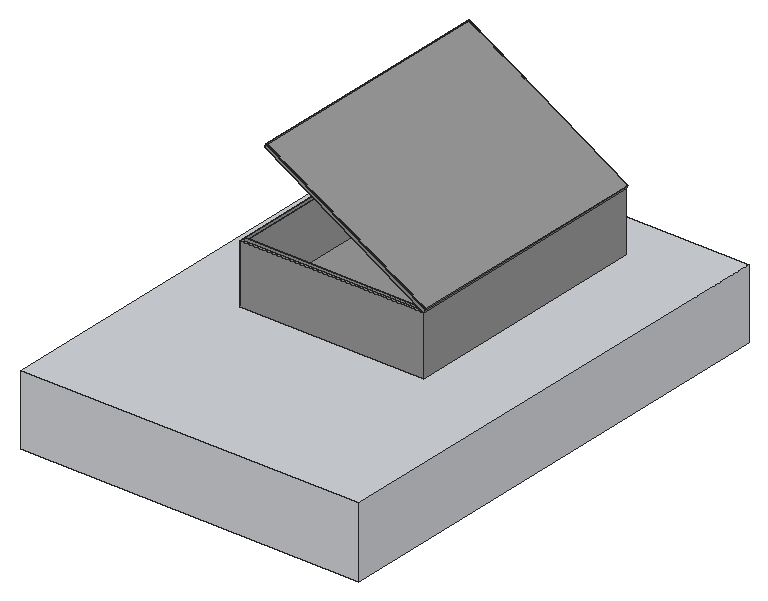
Revit family "Hager-Univers-IP55-D275-H1100-Cl.I-Steel_encl-DE-de", category Equipement électrique, Revit 2020
Family settings
  Hôte = Face
  Configuration du panneau = Deux colonnes, circuits au sein
  Cote de connecteur circulaire = Utiliser le diamètre
  Type d'élément = Tableau de raccordement
  Couper avec des vides une fois chargée = Non
  Partagée = Non
  Point de calcul de pièce = Non
Parameters (values of type "Aufputz IP55 B800 H1100 T275  - FR73E")
  Width Control [instance] = if([EF000008 - Breite] > Min Width, [EF000008 - Breite], Min Width)  # 800 mm
  Commentaires du type = [HG000003 - Bereich]  # "Univers"
  Thickness Door [instance] = if([EF009171 - Materialstärke Tür/Deckel] > 3 mm, 3 mm, [EF009171 - Materialstärke Tür/Deckel])  # 1.5 mm
  Seal Frame Offset [instance] = 17 mm  # constant formula
  Plinth Visibility [instance] = [HG000027 - Sockelhöhe] > 0 mm  # no
  Model = ""
  Min Width [instance] = 100 mm  # constant formula
  Min Height [instance] = 100 mm  # constant formula
  Min Depth [instance] = (2 * [EF009170 - Materialstärke Gehäuse]) + 1 mm  # 4 mm
  Internal Frame Depth [instance] = (Door System Depth * 0.5)  # 9 mm
  Height Control [instance] = if([EF000040 - Höhe] > Min Height, [EF000040 - Höhe], Min Height)  # 1100 mm
  HG000027 - Sockelhöhe = 0 mm
  HG000026 - Stehend auf dem Boden = no
  HG000024 - Höhe des unteren Teils = 800 mm
  HG000023 - Gehäuse mit doppeltem Querschnitt = no
  HG000016 - 3D-Türsichtbarkeit [instance] = yes
  HG000015 - Sichtbarkeit der Türöffnung [instance] = no
  HG000014 - Tür rechts [instance] = yes
  HG000013 - Tür links [instance] = not([HG000014 - Tür rechts])  # no
  HG000012 - Türschwenkwinkel [instance] = 30.00°
  HG000010 - Asymmetrische Türen = no
  HG000009 - Doppelflügeligen Tür = no
  HG000006 - Unterputz = no
  HG000004 - Herstellerreferenz = "FR73E"
  HG000003 - Bereich = "Univers"
  HG000002 - Mit tür = yes
  Frame Offset Bottom [instance] = 10 mm  # constant formula
  Frame Offset [instance] = 15 mm  # constant formula
  EF015940 - Deckel mit Überdruckentlastung = no
  EF011959 - Schutzart (NEMA) = ""
  EF009554 - Anzahl der Öffnungen für Flanschplatten = 6
  Fabricant = "Hager"  # constant formula
  EF009212 - Ausführung Deckel = "EV000116 - geschlossen"
  EF009171 - Materialstärke Tür/Deckel = 1.5 mm
  EF009170 - Materialstärke Gehäuse = 1.5 mm
  EF008873 - Nennstrom (In) = 800 A
  EF007800 - Geeignet für Blitzschutz = no
  EF006306 - Mit Schloss = no
  EF006244 - Transparenter Deckel/Tür = no
  EF005474 - Schutzart (IP) = "EV006420 - IP55"
  EF004464 - Art der Tür = "EV002646 - Einzel"
  EF004427 - Anzahl der Module = 252
  EF004293 - Schlagfestigkeit = "EV008784 - IK10"
  EF003532 - Geeignet für Außengebrauch = no
  EF002950 - Breite in Teilungseinheiten = 24
  EF001613 - Funktionserhalt = "EV000494 - ohne"
  EF001596 - Werkstoff des Gehäuses = "EV000179 - Stahl"
  EF001131 - Innentiefe = 275 mm
  EF001088 - Anbaumöglichkeit = yes
  EF000437 - Anzahl der Leitungseinführungen = 6
  EF000339 - Art der Abdeckung = "EV004216 - Tür"
  EF000266 - Anzahl der Reihen = 7
  EF000218 - Einbautiefe = 0 mm
  EF000118 - Mit Montageplatte = no
  EF000116 - RAL-Nummer = "7035"
  EF000049 - Tiefe = 275 mm
  EF000040 - Höhe = 1100 mm
  EF000008 - Breite = 800 mm
  EF000007 - Farbe = "EV000270 - grau"
  EF000003 - Montageart = "EV000384 - Aufputz"
  Door System Leaf Tolerance [instance] = 1.5 mm  # constant formula
  Door System Depth [instance] = 18 mm  # constant formula
  Door Height [instance] = Height Control - [HG000027 - Sockelhöhe]  # 1100 mm
  Depth Control [instance] = if([EF000049 - Tiefe] > Min Depth, [EF000049 - Tiefe], Min Depth)  # 275 mm
  Default Elevation = 0 mm
  Connector Offset [instance] = Height Control / 2  # 550 mm
  Bottom Top Plate Trim [instance] = 1.5 mm  # constant formula
  Plinth height Ctrl [instance] = if([HG000027 - Sockelhöhe] > 0 mm, [HG000027 - Sockelhöhe], 12 mm)  # 12 mm
Types (5, lengths in mm): name | Width Control | HG000010 - Asymmetrische Türen | HG000009 - Doppelflügeligen Tür | HG000004 - Herstellerreferenz | EF009554 - Anzahl der Öffnungen für Flanschplatten | EF004464 - Art der Tür | EF004427 - Anzahl der Module | EF000437 - Anzahl der Leitungseinführungen | EF000008 - Breite
  Aufputz IP55 B1050 H1100 T275  - FR74E | 1050 | no | yes | "FR74E" | 8 | "EV003602 - Doppel" | 336 | 8 | 1050
  Aufputz IP55 B1300 H1100 T275  - FR75E | 1300 | yes | yes | "FR75E" | 10 | "EV003602 - Doppel" | 420 | 10 | 1300
  Aufputz IP55 B300 H1100 T275  - FR71E | 300 | no | no | "FR71E" | 2 | "EV002646 - Einzel" | 84 | 2 | 300
  Aufputz IP55 B550 H1100 T275  - FR72E | 550 | no | no | "FR72E" | 4 | "EV002646 - Einzel" | 168 | 4 | 550
  Aufputz IP55 B800 H1100 T275  - FR73E | 800 | no | no | "FR73E" | 6 | "EV002646 - Einzel" | 252 | 6 | 800
Reference planes
  plane 1 "Center (Front/Back)": y = 0
  plane 2: z = 0
  plane 3 "Center (Left/Right)": x = 0
  plane 4: z = 275
  plane 5: y = 1.5
  plane 6: y = 550
  plane 7: y = 0
  plane 8: y = 1100
  plane 9: z = 0
  plane 10: x = -385
  plane 11: x = 385
  plane 12: x = 383.5
  plane 13: x = -383.5
  plane 14: y = 1098.5
  plane 15: x = -383
  plane 16: x = -400
  plane 17: x = 383
  plane 18: x = 400
  plane 19: x = 398.5
  plane 20: x = -398.5
  plane 21: y = 11.5
  plane 22: y = 1100
  plane 23: y = 1083.5
  plane 24: z = 257
  plane 25: z = 1.5
  plane 26: z = 255.5
  plane 27: z = 273.5
Forms (mm)
  Extrusion 1, solid
    sketch origin (0, 0, 0) x (1, 0, 0) y (0, 1, 0)
      loop
        line (-702.964, 1305) -> (-702.964, -811.445) -> (766.763, -811.445) -> (766.763, 1305) -> (-702.964, 1305)
    from 0 to -304.8
  Extrusion 2, solid, material "Hager_Steel_RAL7035_Light_Grey", visible <- "Plinth Visibility", detail levels medium+fine
    sketch origin (0, 0, 0) x (1, 0, 0) y (0, 1, 0)
      loop
        line (-400, 0) -> (400, 0) -> (400, 12) -> (-400, 12) -> (-400, 0)
    from 0 to 257
  Extrusion 3, solid, material "Hager_Steel_RAL7035_Light_Grey", detail levels medium+fine
    sketch origin (0, 0, 0) x (1, 0, 0) y (0, 1, 0)
      loop
        line (-400, 0) -> (400, 0) -> (400, 1100) -> (-400, 1100) -> (-400, 0)
    from 0 to 257
  Extrusion 4, void
    sketch origin (0, 0, 0) x (1, 0, 0) y (0, 1, 0)
      loop
        line (-398.5, 1.5) -> (398.5, 1.5) -> (398.5, 1098.5) -> (-398.5, 1098.5) -> (-398.5, 1.5)
    from 1.5 to 255.5
  Extrusion 5, void
    sketch origin (-381.607, -4572, 257) x (0, -1, 0) y (-1, 0, 0)
      loop
        line (-4583.5, 1.893) -> (-5655.5, 1.893) -> (-5655.5, -765.107) -> (-4583.5, -765.107) -> (-4583.5, 1.893)
    from 0 to 1.5 <- "EF009170 - Materialstärke Gehäuse"
  Extrusion 6, solid, material "Hager_Steel_RAL7035_Light_Grey", detail levels fine
    sketch origin (0, 0, 257) x (1, 0, 0) y (0, 1, 0)
      loop
        line (-383.5, 1083.5) -> (-383.5, 11.5) -> (383.5, 11.5) -> (383.5, 1083.5) -> (-383.5, 1083.5)
      loop
        line (-385, 10) -> (385, 10) -> (385, 1085) -> (-385, 1085) -> (-385, 10)
    from 0 to 9 <- "Internal Frame Depth"
  Extrusion 7, solid, material "Hager_Steel_RAL7035_Light_Grey", detail levels coarse
    sketch origin (0, 0, 0) x (1, 0, 0) y (0, 1, 0)
      loop
        line (-400, 0) -> (400, 0) -> (400, 1100) -> (-400, 1100) -> (-400, 0)
    from 0 to 275
  Sweep 8, void
    path in 3D
      loop
        line (-400, 12, 0) -> (400, 12, 0) -> (400, 12, 257) -> (-400, 12, 257) -> (-400, 12, 0)
    profile origin (-400, 12, 128.5) x (-1, 0, 0) y (0, -1, 0)
      loop
        line (0, 0) -> (0, 1.5) -> (-1.5, 1.5)
        arc (-1.5, 1.5) -> (-1.061, 0.439) -> (0, 0) r 1.5
Cuts and joins
  Extrusion 4, Extrusion 5 cuts Extrusion 3
  Sweep 8 cuts Extrusion 2
Lines and regions (mm)
  Masking region 1
    outline origin (0, 0, 0) x (1, 0, 0) y (0, 0, 1)
      loop
        line (-400, 275) -> (-400, 0) -> (400, 0) -> (400, 275) -> (-400, 275)
  Masking region 2, detail levels medium+fine
    outline origin (0, 140, 0) x (0, 1, 0) y (0, 0, 1)
      loop
        line (-140, 0) -> (960, 0) -> (960, 257) -> (-140, 257) -> (-140, 0)
  Masking region 3, not visible, detail levels medium+fine
    outline origin (0, 297.922, 0) x (0, 1, 0) y (0, 0, 1)
      loop
        line (263.578, 0) -> (303.578, 0) -> (303.578, 263.5)
        arc (303.578, 263.5) -> (300.649, 270.571) -> (293.578, 273.5) r 10
        line (293.578, 273.5) -> (263.578, 273.5) -> (263.578, 0)
  Masking region 4, detail levels coarse
    outline origin (0, 0, 180) x (0, 1, 0) y (0, 0, 1)
      loop
        line (0, -180) -> (1100, -180) -> (1100, 95) -> (0, 95) -> (0, -180)
  Masking region 5, visible <- "Plinth Visibility", detail levels medium+fine
    outline origin (0, 52.24, 12.345) x (0, 0, -1) y (0, 1, 0)
      loop
        line (10.845, -40.24) -> (-243.155, -40.24)
        arc (-243.155, -40.24) -> (-243.594, -41.301) -> (-244.655, -41.74) r 1.5
        line (-244.655, -41.74) -> (-244.655, -52.24) -> (12.345, -52.24) -> (12.345, -41.74)
        arc (12.345, -41.74) -> (11.285, -41.301) -> (10.845, -40.24) r 1.5
  Masking region 6, detail levels medium+fine
    outline origin (-381.607, -4572, 257) x (-1, 0, 0) y (0, -1, 0)
      loop
        line (18.393, -5672) -> (18.393, -4572) -> (-781.607, -4572) -> (-781.607, -5672) -> (18.393, -5672)
  Masking region 7, visible <- "Plinth Visibility", detail levels medium+fine
    outline origin (-381.607, -4727, 257) x (-1, 0, 0) y (0, -1, 0)
      loop
        arc (16.893, -4739) -> (17.332, -4737.939) -> (18.393, -4737.5) r 1.5
        line (18.393, -4737.5) -> (18.393, -4727) -> (-781.607, -4727) -> (-781.607, -4737.5)
        arc (-781.607, -4737.5) -> (-780.546, -4737.939) -> (-780.107, -4739) r 1.5
        line (-780.107, -4739) -> (16.893, -4739)
  Masking region 8, detail levels coarse
    outline origin (-442.548, -4669.526, 257) x (-1, 0, 0) y (0, -1, 0)
      loop
        line (-42.548, -5769.526) -> (-42.548, -4669.526) -> (-842.548, -4669.526) -> (-842.548, -5769.526) -> (-42.548, -5769.526)
  sketch lines
    curve 1: line (-400, 12, 257) -> (-400, 12, 0)
    curve 2: line (400, 12, 257) -> (-400, 12, 257)
    curve 3: line (400, 12, 257) -> (400, 12, 0)
    curve 4: line (-400, 12, 0) -> (400, 12, 0)
Dimensions and locks
  "Depth Control": plane 4 to Extrusion 1
  "HG000027 - Sockelhöhe": plane 1 "Center (Front/Back)" to plane 7
  "EF009170 - Materialstärke Gehäuse": plane 5 to plane 7
  locked: connector elem to plane 3 "Center (Left/Right)"
  equal spacing: plane 8, plane 6, plane 7
  locked: connector elem to plane 6
  "EF009170 - Materialstärke Gehäuse": plane 8 to plane 14
  "EF009170 - Materialstärke Gehäuse": plane 10 to plane 13
  "EF009170 - Materialstärke Gehäuse": plane 12 to plane 11
  "Frame Offset": plane 20 to plane 13
  "Frame Offset": plane 12 to plane 19
  "EF009170 - Materialstärke Gehäuse": plane 16 to plane 20
  "EF009170 - Materialstärke Gehäuse": plane 19 to plane 18
  "Seal Frame Offset": plane 16 to plane 15
  "Seal Frame Offset": plane 17 to plane 18
  "Frame Offset Bottom": plane 21 to plane 5
  "Frame Offset": plane 14 to plane 23
  equal spacing: plane 16, plane 3 "Center (Left/Right)", plane 18
  "Width Control": plane 16 to plane 18
  "EF009170 - Materialstärke Gehäuse": plane 4 to plane 27
  "EF009170 - Materialstärke Gehäuse": plane 24 to plane 26
  "EF009170 - Materialstärke Gehäuse": plane 25 to level
  "Door System Depth": plane 4 to plane 24
  "Height Control": plane 1 "Center (Front/Back)" to Extrusion 7 sketch curve
  "Height Control": Masking region 4 sketch curve to plane 1 "Center (Front/Back)"
  "Height Control": plane 1 "Center (Front/Back)" to plane 22
  "Bottom Top Plate Trim": profile plane to Sweep 8 sketch curve
  "Bottom Top Plate Trim": Sweep 8 sketch curve to profile plane
  "Plinth height Ctrl": plane 1 "Center (Front/Back)" to Extrusion 2 sketch curve
  "Plinth height Ctrl": Masking region 5 sketch curve to plane 1 "Center (Front/Back)"
  "Plinth height Ctrl": plane 1 "Center (Front/Back)" to Masking region 7 sketch curve
  "Thickness Door": Extrusion 6 sketch curve to Extrusion 6 sketch curve  (x3)
  "Thickness Door": cut or joined group of Extrusion 3, Extrusion 4, Extrusion 5 to Extrusion 6 sketch curve
  radius of Masking region 3 sketch curve = 10 mm
  "Bottom Top Plate Trim": radius of Masking region 5 sketch curve  (x2)
  "Bottom Top Plate Trim": radius of Sweep 8 sketch curve
  "Bottom Top Plate Trim": radius of Masking region 7 sketch curve  (x2)
  aligned and locked: plane 2 to Extrusion 1
  aligned and locked: level to Extrusion 1
  aligned and locked: level to Masking region 1 sketch curve
  aligned and locked: Masking region 1 sketch curve to plane 18
  aligned and locked: Masking region 1 sketch curve to plane 16
  aligned and locked: plane 7 to Masking region 2 sketch curve
  aligned and locked: level to Masking region 3 sketch curve
  aligned and locked: Masking region 3 sketch curve to plane 27
  aligned and locked: level to Masking region 2 sketch curve
  aligned and locked: plane 1 "Center (Front/Back)" to Extrusion 2 sketch curve
  aligned and locked: Extrusion 3 sketch curve to plane 7
  aligned and locked: plane 16 to Extrusion 3 sketch curve
  aligned and locked: plane 18 to Extrusion 3 sketch curve
  aligned and locked: plane 20 to Extrusion 4 sketch curve
  aligned and locked: plane 19 to Extrusion 4 sketch curve
  aligned and locked: Extrusion 4 sketch curve to plane 5
  aligned and locked: Extrusion 4 to plane 25
  aligned and locked: plane 26 to Extrusion 4
  aligned and locked: plane 24 to Extrusion 3
  aligned and locked: Extrusion 5 sketch curve to plane 21
  aligned and locked: Extrusion 5 sketch curve to plane 13
  aligned and locked: Extrusion 5 sketch curve to plane 12
  aligned and locked: plane 18 to Extrusion 7 sketch curve
  aligned and locked: plane 1 "Center (Front/Back)" to Extrusion 7 sketch curve
  aligned and locked: plane 16 to Extrusion 7 sketch curve
  aligned and locked: plane 4 to Extrusion 7
  aligned and locked: Extrusion 7 to level
  aligned and locked: level to Masking region 4 sketch curve
  aligned and locked: Masking region 4 sketch curve to plane 1 "Center (Front/Back)"
  aligned and locked: Masking region 4 sketch curve to plane 4
  aligned and locked: nested 1 to level
  aligned and locked: nested 1 to plane 16
  aligned and locked: plane 8 to Extrusion 3 sketch curve
  aligned and locked: plane 23 to Extrusion 5 sketch curve
  aligned and locked: plane 14 to Extrusion 4 sketch curve
  aligned and locked: Masking region 2 sketch curve to plane 8
  aligned and locked: level to Masking region 5 sketch curve
  aligned and locked: plane 16 to Extrusion 2 sketch curve
  aligned and locked: plane 18 to Extrusion 2 sketch curve
  aligned and locked: Masking region 5 sketch curve to plane 24
  aligned and locked: Masking region 2 sketch curve to plane 24
  aligned and locked: plane 24 to Extrusion 2
  aligned and locked: profile plane to Sweep 8 sketch curve  (x2)
  aligned and locked: Masking region 6 sketch curve to plane 18
  aligned and locked: Masking region 6 sketch curve to plane 22
  aligned and locked: Masking region 6 sketch curve to plane 16
  aligned and locked: plane 8 to plane 22
  aligned and locked: Masking region 6 sketch curve to plane 7
  aligned and locked: Masking region 7 sketch curve to plane 16
  aligned and locked: Masking region 7 sketch curve to plane 1 "Center (Front/Back)"
  aligned and locked: Masking region 7 sketch curve to plane 18
  aligned and locked: Masking region 8 sketch curve to plane 1 "Center (Front/Back)"
  aligned and locked: Masking region 8 sketch curve to plane 18
  aligned and locked: Masking region 8 sketch curve to plane 22
  aligned and locked: Masking region 8 sketch curve to plane 16
  aligned and locked: nested 2 to plane 7
  aligned and locked: plane 3 "Center (Left/Right)" to nested 2
  aligned and locked: nested 2 to plane 24
  aligned and locked: Extrusion 6 sketch curve to cut or joined group of Extrusion 3, Extrusion 4, Extrusion 5  (x4)
Automatic sketch dimensions
  Extrusion 1 sketch curve to Extrusion 1 sketch curve = 1469.727 mm
  Extrusion 1 sketch curve to Extrusion 1 sketch curve = 2116.445 mm
  Masking region 1 sketch curve to plane 4 = 0 mm
  plane 6 to Masking region 3 sketch curve = 11.5 mm
  Masking region 3 sketch curve to Masking region 3 sketch curve = 30 mm
  Masking region 5 sketch curve to plane 1 "Center (Front/Back)" = 0 mm
Nested families
  nested 1: "Hager_Enclosure_Symbol" at (-400, 0, 0) x (1, 0, 0) z (0, -1, 0), Height <- "Depth Control", Width <- "Width Control", type "Hager_Enclosure_Symbol"
    with Width_Ctrl 800 mm, Width 800 mm, Height_Ctrl 275 mm, Height 275 mm, A_Width_Int 18.047 mm, A_Width 216.562 mm, A_Height_Ctrl 240.625 mm, A_Height 240.625 mm
  nested 2: "EC000058_Univers_Door" at (0, 0, 257) x (1, 0, 0) z (0, 1, 0), Leaf_Tolerance <- "Door System Leaf Tolerance", Angle <- "HG000012 - Türschwenkwinkel", Door_Depth <- "Door System Depth", Door_Left <- "HG000013 - Tür links", Transparent <- "EF006244 - Transparenter Deckel/Tür", Assymetrical <- "HG000010 - Asymmetrische Türen", Width <- "Width Control", Clearance <- "HG000015 - Sichtbarkeit der Türöffnung", Double <- "HG000009 - Doppelflügeligen Tür", 3d_Door <- "HG000016 - 3D-Türsichtbarkeit", Lock_Visibility <- "EF006306 - Mit Schloss", Width_Ctrl <- "Width Control", Door_Right <- "HG000014 - Tür rechts", Door <- "HG000002 - Mit tür", Height <- "Door Height", Thickness <- "Thickness Door", type "EC000058_Univers_Door", detail levels medium+fine
    with min_wh 4 mm, Width_Ctrl 800 mm, Width 800 mm, Transparent no, Thickness 1.5 mm, Seal_Material Hager_Rubber, Lock_Visibility no, Lock_Material Hager_Plastic_RAL9005_Jet_Black, Leaf_Width 800 mm, Leaf_Tolerance_External_Sides 0 mm, Leaf_Tolerance 1.5 mm, Leaf_Offset 0 mm, Leaf_Height 1097 mm, Leaf_2_Width 800 mm, Leaf_2_Offset 400 mm, Leaf_1_Width 800 mm, Leaf_1_Offset 400 mm, Height_Ctrl 1100 mm, Height 1100 mm, Glass_Material Hager_Glass, Double_Clearance_Ctrl no, Double no, Door_Right_Ctrl yes, Door_Right yes, Door_Material Hager_Steel_RAL7035_Light_Grey, Door_Left_Ctrl no, Door_Left no, Door_Depth 18 mm, Door yes, Clearance_Material Hager_Clearance, Clearance_Depth 800 mm, Clearance_Ctrl no, Clearance no, Assymetrical no, Angle 30.00°, 3d_Door yes
Connectors
  electrical at (0, 550, 0)
    settings: on plane 9, index 1, voltage 0 V, apparent load 0 VA, apparent load phase1 0 VA, apparent load phase2 0 VA, apparent load phase3 0 VA, power factor 1, load classification "Other", number of poles 1, system type 30, power factor state 1, is connector primary yes, connector utility no, sub classification motor no, connector description ""
Definition of nested family "EC000058_Univers_Door"
  Parameters (values of type "EC000058_Univers_Door")
    min_wh [instance] = (2 * Thickness) + 1 mm  # 11 mm
    Width_Ctrl [instance] = 400 mm
    Width [instance] = 500 mm
    Transparent [instance] = yes
    Thickness [instance] = 5 mm
    Seal_Material [instance] = none
    Lock_Visibility [instance] = yes
    Lock_Material [instance] = none
    Leaf_Width [instance] = if((Width_Ctrl - 2 * Leaf_Tolerance_External_Sides) > 0 mm, (Width_Ctrl - 2 * Leaf_Tolerance_External_Sides), min_wh)  # 400 mm
    Leaf_Tolerance_External_Sides [instance] = 0 mm  # constant formula
    Leaf_Tolerance [instance] = 1.5 mm
    Leaf_Offset [instance] = 0 mm  # constant formula
    Leaf_Height [instance] = if((Height_Ctrl - 2 * Leaf_Tolerance) > 0 mm, (Height_Ctrl - 2 * Leaf_Tolerance), min_wh)  # 497 mm
    Leaf_2_Width [instance] = if(and(and(Double, Assymetrical), Door_Left), (Leaf_Width / 3) - (Leaf_Tolerance / 2), if(and(and(Double, Assymetrical), Door_Right), (Leaf_Width / 3) * 2 - (Leaf_Tolerance / 2), if(and(Double, not(Assymetrical)), (Leaf_Width / 2) - Leaf_Tolerance, Leaf_Width)))  # 400 mm
    Leaf_2_Offset [instance] = if(and(Double, Assymetrical), Leaf_2_Width / 2, if(and(Double, not(Assymetrical)), Leaf_Width / 4, Leaf_Width / 2))  # 200 mm
    Leaf_1_Width [instance] = if(and(and(Double, Assymetrical), Door_Right), (Leaf_Width / 3) - (Leaf_Tolerance / 2), if(and(and(Double, Assymetrical), Door_Left), (Width / 3) * 2 - (Leaf_Tolerance / 2), if(and(Double, not(Assymetrical)), (Leaf_Width / 2) - Leaf_Tolerance, Leaf_Width)))  # 400 mm
    Leaf_1_Offset [instance] = if(and(Double, Assymetrical), Leaf_1_Width / 2, if(and(Double, not(Assymetrical)), Leaf_Width / 4, Leaf_Width / 2))  # 200 mm
    Height_Ctrl [instance] = if(Height > min_wh, Height, min_wh)  # 500 mm
    Height [instance] = 500 mm
    Glass_Material [instance] = none
    Double_Clearance_Ctrl [instance] = and(Double, Clearance)  # no
    Double [instance] = no
    Door_Right_Ctrl [instance] = and(or(Door_Right, Double), Door)  # yes
    Door_Right [instance] = yes
    Door_Material [instance] = none
    Door_Left_Ctrl [instance] = and(or(Door_Left, Double), Door)  # no
    Door_Left [instance] = no
    Door_Depth [instance] = 30 mm
    Door [instance] = yes
    Default Elevation = 1219.2 mm
    Clearance_Material [instance] = none
    Clearance_Depth [instance] = if(Leaf_1_Width > Leaf_2_Width, Leaf_1_Width, Leaf_2_Width)  # 400 mm
    Clearance_Ctrl [instance] = and(not(Double), Clearance)  # yes
    Clearance [instance] = yes
    Assymetrical [instance] = yes
    Angle [instance] = 30.00°
    3d_Door [instance] = yes
  Reference planes
    plane 1 "Center (Front/Back)": y = 0
    plane 2 "Bottom": z = 0
    plane 3 "Center (Left/Right)": x = 0
    plane 4: z = 500
    plane 5: x = -200
    plane 6: x = 200
    plane 7: z = 500
    plane 8: x = -200
    plane 9: z = 0
    plane 10: x = 200
    plane 11: y = 0
    plane 12: z = 1.5
    plane 13: x = -600
    plane 14: y = -400
    plane 15: x = 600
    plane 16: x = 0
    plane 17: x = 0
    plane 18: x = -200
    plane 19: x = 200
    plane 20: z = 498.5
  Forms (mm)
    Extrusion 1, solid, material <- "Clearance_Material", visible <- "Double_Clearance_Ctrl"
      sketch origin (1200, 0, 0) x (1, 0, 0) y (0, 0, -1)
        loop
          line (-1800, -498.5) -> (-600, -498.5) -> (-600, 0) -> (-1800, 0) -> (-1800, -498.5)
      from 0 to -400
  Dimensions and locks
    equal spacing: plane 5, plane 3 "Center (Left/Right)", plane 6
    "Width_Ctrl": plane 5 to plane 6
    "Leaf_Offset": plane 5 to plane 8
    "Leaf_Offset": plane 6 to plane 10
    "Leaf_Offset": plane 9 to level
    "Leaf_Offset": plane 4 to plane 7
    "Height_Ctrl": plane 4 to level
    "Leaf_Tolerance": plane 12 to plane 9
    locked: plane 11 to plane 1 "Center (Front/Back)"
    "Leaf_1_Offset": plane 18 to plane 16
    "Leaf_2_Offset": plane 17 to plane 19
    "Leaf_1_Width": plane 13 to plane 8
    "Leaf_2_Width": plane 10 to plane 15
    "Clearance_Depth": plane 14 to plane 1 "Center (Front/Back)"
    "Leaf_Tolerance_External_Sides": plane 8 to plane 18
    "Leaf_Tolerance_External_Sides": plane 19 to plane 10
    "Leaf_Tolerance": plane 7 to plane 20
    aligned and locked: level to plane 2 "Bottom"
    aligned and locked: nested 1 to plane 16
    aligned and locked: nested 2 to plane 17
    aligned and locked: Extrusion 1 to plane 13
    aligned and locked: plane 15 to Extrusion 1
    aligned and locked: Extrusion 1 to plane 14
    aligned and locked: plane 12 to nested 1
    aligned and locked: nested 2 to plane 12
    aligned and locked: Extrusion 1 to plane 11
    aligned and locked: plane 20 to Extrusion 1
    aligned and locked: nested 2 to plane 11
    aligned and locked: nested 1 to plane 11
  Automatic sketch dimensions
    Extrusion 1 sketch curve to level = 0 mm
    plane 5 to Extrusion 1 sketch curve = 400 mm
    plane 6 to Extrusion 1 sketch curve = 400 mm
    Extrusion 1 sketch curve to plane 4 = 1.5 mm
  Nested families
    nested 1: "EC000058_Univers_Door_Leaf" at (0, 0, 1.5), Width <- "Leaf_1_Width", visible <- "Door_Left_Ctrl", Leaf_Height <- "Leaf_Height", Angle <- "Angle", 3d_Door <- "3d_Door", Transparent <- "Transparent", Clearance Material <- "Clearance_Material", Clearance <- "Clearance_Ctrl", Door_Material <- "Door_Material", Glass_Material <- "Glass_Material", Door_Depth <- "Door_Depth", Lock_Material <- "Lock_Material", Seal_Material <- "Seal_Material", Lock_Visibility <- "Lock_Visibility", Thickness <- "Thickness", type "EC000058_Univers_Door_Leaf"
      with Width 400 mm, Transparent_Glass_Offset 30 mm, Transparent_Ctrl yes, Transparent yes, Thickness 5 mm, Standard no, Seal_Material none, Seal_D2 8 mm, Seal_D1 1 mm, Offset_Internal_Frame 10 mm, Lock_Width 20 mm, Lock_Visibility_3d yes, Lock_Visibility yes, Lock_Thickness_3 3 mm, Lock_Thickness_2 1 mm, Lock_Thickness_1 3 mm, Lock_Radius_Offset_2 16 mm, Lock_Radius_Offset_1 15 mm, Lock_Radius_2 5 mm, Lock_Radius 6 mm, Lock_Offset 5 mm, Lock_Material none, Lock_Height 80 mm, Lock_Cover_Top_Offset_2d 17 mm, Lock_Cover_Height -65 mm, Leaf_Height 497 mm, Internal_Seal_Thickness 8 mm, Internal_Seal_Depth_2 4.5 mm, Internal_Frame_Depth 25 mm, Glass_Thickness -1 mm, Glass_Offset -2 mm, Glass_Material none, Door_Material none, Door_Depth 30 mm, Clearance Material none, Clearance yes, Angle_Ctrl 30.00°, Angle 30.00°, 3d_Door yes
    nested 2: "EC000058_Univers_Door_Leaf" at (0, 0, 1.5) x (-1, 0, 0) z (0, 0, 1), Width <- "Leaf_2_Width", visible <- "Door_Right_Ctrl", Leaf_Height <- "Leaf_Height", Angle <- "Angle", 3d_Door <- "3d_Door", Transparent <- "Transparent", Clearance Material <- "Clearance_Material", Clearance <- "Clearance_Ctrl", Door_Material <- "Door_Material", Glass_Material <- "Glass_Material", Door_Depth <- "Door_Depth", Lock_Material <- "Lock_Material", Seal_Material <- "Seal_Material", Lock_Visibility <- "Lock_Visibility", Thickness <- "Thickness", type "EC000058_Univers_Door_Leaf"
      with Width 400 mm, Transparent_Glass_Offset 30 mm, Transparent_Ctrl yes, Transparent yes, Thickness 5 mm, Standard no, Seal_Material none, Seal_D2 8 mm, Seal_D1 1 mm, Offset_Internal_Frame 10 mm, Lock_Width 20 mm, Lock_Visibility_3d yes, Lock_Visibility yes, Lock_Thickness_3 3 mm, Lock_Thickness_2 1 mm, Lock_Thickness_1 3 mm, Lock_Radius_Offset_2 16 mm, Lock_Radius_Offset_1 15 mm, Lock_Radius_2 5 mm, Lock_Radius 6 mm, Lock_Offset 5 mm, Lock_Material none, Lock_Height 80 mm, Lock_Cover_Top_Offset_2d 17 mm, Lock_Cover_Height -65 mm, Leaf_Height 497 mm, Internal_Seal_Thickness 8 mm, Internal_Seal_Depth_2 4.5 mm, Internal_Frame_Depth 25 mm, Glass_Thickness -1 mm, Glass_Offset -2 mm, Glass_Material none, Door_Material none, Door_Depth 30 mm, Clearance Material none, Clearance yes, Angle_Ctrl 30.00°, Angle 30.00°, 3d_Door yes
  Definition of nested family "EC000058_Univers_Door_Leaf"
    Parameters (values of type "EC000058_Univers_Door_Leaf")
      Width [instance] = 2000 mm
      Transparent_Glass_Offset [instance] = 30 mm
      Transparent_Ctrl [instance] = and(Transparent, [3d_Door])  # yes
      Transparent [instance] = yes
      Thickness [instance] = 5 mm
      Standard [instance] = and(not(Transparent), [3d_Door])  # no
      Seal_Material [instance] = none
      Seal_D2 [instance] = 8 mm  # constant formula
      Seal_D1 [instance] = 1 mm  # constant formula
      Offset_Internal_Frame [instance] = 10 mm  # constant formula
      Lock_Width [instance] = 20 mm  # constant formula
      Lock_Visibility_3d [instance] = and(Lock_Visibility, [3d_Door])  # yes
      Lock_Visibility [instance] = yes
      Lock_Thickness_3 [instance] = 3 mm  # constant formula
      Lock_Thickness_2 [instance] = 1 mm  # constant formula
      Lock_Thickness_1 [instance] = 3 mm  # constant formula
      Lock_Radius_Offset_2 [instance] = Lock_Radius_Offset_1 + 1 mm  # 16 mm
      Lock_Radius_Offset_1 [instance] = 15 mm  # constant formula
      Lock_Radius_2 [instance] = Lock_Radius - 1 mm  # 5 mm
      Lock_Radius [instance] = 6 mm  # constant formula
      Lock_Offset [instance] = 5 mm  # constant formula
      Lock_Material [instance] = none
      Lock_Height [instance] = 80 mm  # constant formula
      Lock_Cover_Top_Offset_2d [instance] = Lock_Radius_Offset_2 + 1 mm  # 17 mm
      Lock_Cover_Height [instance] = -(Lock_Height - Lock_Radius_Offset_1)  # -65 mm
      Leaf_Height [instance] = 2720.336 mm
      Internal_Seal_Thickness [instance] = 8 mm  # constant formula
      Internal_Seal_Depth_2 [instance] = 4.5 mm  # constant formula
      Internal_Frame_Depth [instance] = if(Door_Depth - Thickness > 5 mm, Door_Depth - Thickness, 5 mm)  # 25 mm
      Glass_Thickness [instance] = if(Thickness > 15 mm, Glass_Offset + 10 mm, -1 mm)  # -1 mm
      Glass_Offset [instance] = if(Thickness > 15 mm, -(Thickness + 10 mm) / 2, -2 mm)  # -2 mm
      Glass_Material [instance] = none
      Door_Material [instance] = none
      Door_Depth [instance] = 30 mm
      Default Elevation = 0 mm
      Clearance Material [instance] = none
      Clearance [instance] = yes
      Angle_Ctrl [instance] = if(Angle > 180.00°, 180.00°, Angle)  # 90.00°
      Angle [instance] = 90.00°
      3d_Door [instance] = yes
    Reference planes
      plane 1 "Center (Front/Back)": y = 0
      plane 2: z = 0
      plane 3 "Center (Left/Right)": x = 0
      plane 4: y = 2000
      plane 5: x = -1000
      plane 6: x = 1000
      plane 7: x = -3000
      plane 8: z = 2720.336
      plane 9: z = 30
      plane 10: z = 2690.336
      plane 11: x = 970
      plane 12: x = -970
      plane 13: y = -3
      plane 14: z = 107.833
      plane 15: y = -5
      plane 16: y = -223.314
      plane 17: x = -1000
      plane 18: z = 1360.168
      plane 19: y = 30
    Forms (mm)
      Extrusion 1, solid, material <- "Clearance Material", visible <- "Clearance"
        sketch origin (0, 0, 0) x (1, 0, 0) y (0, 0, 1)
          loop
            line (-3000, 2720.336) -> (-3000, 0) -> (1000, 0) -> (1000, 2720.336) -> (-3000, 2720.336)
        from 0 to -2000
      Extrusion 2, solid, material <- "Door_Material", visible <- "Standard", detail levels medium+fine
        sketch origin (-1000, 0, 0) x (0, 1, 0) y (-1, 0, 0)
          loop
            line (0, 30) -> (0, 25) -> (2000, 25) -> (2000, 30) -> (0, 30)
        from 0 to 2720.336 <- "Leaf_Height"
      Extrusion 3, solid, material <- "Door_Material", visible <- "Transparent_Ctrl", detail levels medium+fine
        sketch origin (-1000, 0, 0) x (0, 1, 0) y (-1, 0, 0)
          loop
            line (0, 25) -> (2000, 25) -> (2000, 30) -> (0, 30) -> (0, 25)
        from 0 to 2720.336 <- "Leaf_Height"
      Extrusion 4, void
        sketch origin (-1025, 2000, 0) x (0, 1, 0) y (0, 0, -1)
          loop
            line (-30, -2690.336) -> (-30, -30) -> (-1970, -30) -> (-1970, -2690.336) -> (-30, -2690.336)
        from 0 to 5 <- "Thickness"
      Sweep 5, solid, material <- "Seal_Material", visible <- "Transparent_Ctrl", detail levels fine
        path in 3D
          loop
            line (-1025, 30, 30) -> (-1025, 30, 2690.336) -> (-1025, 1970, 2690.336) -> (-1025, 1970, 30) -> (-1025, 30, 30)
        profile origin (-1025, 1000, 30) x (1, 0, 0) y (0, 0, 1)
          loop
            line (0, 0) -> (0, -8) -> (1, -8) -> (1, 0) -> (0, 0)
      Extrusion 6, solid, material <- "Glass_Material", visible <- "Transparent_Ctrl", detail levels medium+fine
        sketch origin (-1030, 0, 0) x (0, 1, 0) y (0, 0, -1)
          loop
            line (1970, -2690.336) -> (1970, -30) -> (30, -30) -> (30, -2690.336) -> (1970, -2690.336)
        from -2 <- "Glass_Offset" to -1 <- "Glass_Thickness"
      Extrusion 7, solid, material <- "Door_Material", visible <- "3d_Door", detail levels medium+fine
        sketch origin (-1025, 2000, 0) x (0, -1, 0) y (0, 0, -1)
          loop
            line (0, -2720.336) -> (2000, -2720.336) -> (2000, 0) -> (0, 0) -> (0, -2720.336)
          loop
            line (1995, -5) -> (5, -5) -> (5, -2715.336) -> (1995, -2715.336) -> (1995, -5)
        from 0 to 25 <- "Internal_Frame_Depth"
      Sweep 8, solid, material <- "Seal_Material", visible <- "Transparent_Ctrl", detail levels fine
        path in 3D
          loop
            line (-1025, 0, 0) -> (-1025, 2000, 0) -> (-1025, 2000, 2720.336) -> (-1025, 0, 2720.336) -> (-1025, 0, 0)
        profile origin (-1025, 0, 1360.168) x (1, 0, 0) y (0, 1, 0)
          loop
            line (0, 10) -> (2.975, 10)
            arc (2.975, 10) -> (4.053, 10.447) -> (4.5, 11.525) r 1.525
            line (4.5, 11.525) -> (4.5, 16.527)
            arc (4.5, 16.527) -> (4.069, 17.569) -> (3.027, 18) r 1.473
            line (3.027, 18) -> (0, 18) -> (0, 10)
      Extrusion 9, solid, material <- "Lock_Material", visible <- "Lock_Visibility_3d", detail levels fine
        sketch origin (-1030, 0, 0) x (0, 1, 0) y (0, 0, -1)
          loop
            arc (1993.5, -1400.168) -> (1994.561, -1399.729) -> (1995, -1398.668) r 1.5
            line (1995, -1398.668) -> (1995, -1320.168) -> (1975, -1320.168) -> (1975, -1398.668)
            arc (1975, -1398.668) -> (1975.439, -1399.729) -> (1976.5, -1400.168) r 1.5
            line (1976.5, -1400.168) -> (1993.5, -1400.168)
        from 3 <- "Lock_Thickness_1" to 0
      Blend 10, solid, material <- "Lock_Material", visible <- "Lock_Visibility_3d", detail levels fine
        base sketch origin (-1033, 0, 0) x (0, 1, 0) y (0, 0, -1)
          loop
            line (1975, -1320.168) -> (1975, -1398.668)
            arc (1975, -1398.668) -> (1975.439, -1399.729) -> (1976.5, -1400.168) r 1.5
            line (1976.5, -1400.168) -> (1993.5, -1400.168)
            arc (1993.5, -1400.168) -> (1994.561, -1399.729) -> (1995, -1398.668) r 1.5
            line (1995, -1398.668) -> (1995, -1320.168) -> (1975, -1320.168)
        top sketch origin (-1033, 0, 0) x (0, 1, 0) y (0, 0, -1)
          loop
            line (1976, -1320.168) -> (1976, -1398.668)
            arc (1976, -1398.668) -> (1976.146, -1399.022) -> (1976.5, -1399.168) r 0.5
            line (1976.5, -1399.168) -> (1993.5, -1399.168)
            arc (1993.5, -1399.168) -> (1993.854, -1399.022) -> (1994, -1398.668) r 0.5
            line (1994, -1398.668) -> (1994, -1320.168) -> (1976, -1320.168)
        from 0 to 1 <- "Lock_Thickness_2"
      Blend 11, solid, material <- "Lock_Material", visible <- "Lock_Visibility_3d", detail levels fine
        base sketch origin (-1034, 0, 0) x (0, 1, 0) y (0, 0, -1)
          loop
            line (1978, -1320.168) -> (1978, -1384.168)
            arc (1978, -1384.168) -> (1985, -1391.168) -> (1992, -1384.168) r 7
            line (1992, -1384.168) -> (1992, -1320.168) -> (1978, -1320.168)
        top sketch origin (-1034, 0, 0) x (0, 1, 0) y (0, 0, -1)
          loop
            line (1991, -1320.168) -> (1979, -1320.168) -> (1979, -1383.168)
            arc (1979, -1383.168) -> (1985, -1389.168) -> (1991, -1383.168) r 6
            line (1991, -1383.168) -> (1991, -1320.168)
        from 0 to 3 <- "Lock_Thickness_3"
      Extrusion 12, solid, material <- "Lock_Material", visible <- "Lock_Visibility_3d", detail levels fine
        sketch origin (-1030, 1975, 1320.168) x (1, 0, 0) y (0, -1, 0)
          loop
            line (-7, -19) -> (-7, -1) -> (0, -1) -> (0, 0) -> (-8, 0) -> (-8, -20) -> (0, -20) -> (0, -19) -> (-7, -19)
        from 0 to -65 <- "Lock_Cover_Height"
      Extrusion 13, void
        sketch origin (-1038, 1995, 1320.168) x (-1, 0, 0) y (0, 0, -1)
          loop
            line (-5, -65) -> (0, -65) -> (-5, -60) -> (-5, -65)
        from 0 to 20 <- "Lock_Width"
      Extrusion 14, void
        sketch origin (-1038, 1975, 1320.168) x (0, -1, 0) y (0, 0, -1)
          loop
            circle (-10, -15.995) r 6
          loop
            circle (-10, -15.995) r 5
        from 0 to 2
      Extrusion 15, solid, material <- "Lock_Material", visible <- "Lock_Visibility_3d", detail levels medium
        sketch origin (-1030, 0, 0) x (0, 1, 0) y (0, 0, -1)
          loop
            arc (1993.5, -1400.168) -> (1994.561, -1399.729) -> (1995, -1398.668) r 1.5
            line (1995, -1398.668) -> (1995, -1320.168) -> (1975, -1320.168) -> (1975, -1398.668)
            arc (1975, -1398.668) -> (1975.439, -1399.729) -> (1976.5, -1400.168) r 1.5
            line (1976.5, -1400.168) -> (1993.5, -1400.168)
        from 8 to 0
    Cuts and joins
      Extrusion 4 cuts Extrusion 3
      Extrusion 13, Extrusion 14 cuts Extrusion 9
      Extrusion 14 cuts Blend 11
      Extrusion 13, Extrusion 14 cuts Extrusion 12
      joined: Extrusion 9, Blend 10, Blend 11, Extrusion 12
      Extrusion 14 cuts Extrusion 15
    Lines and regions (mm)
      Masking region 1, visible <- "Lock_Visibility", detail levels fine
        outline origin (0, 0, 0) x (0, 1, 0) y (0, 0, 1)
          loop
            line (30, 1320.168) -> (33, 1320.168) -> (33, 1400.168) -> (30, 1400.168) -> (30, 1320.168)
      Masking region 2, visible <- "Lock_Visibility", detail levels fine
        outline origin (0, 3.143, 0) x (0, 1, 0) y (0, 0, 1)
          loop
            line (29.857, 1354.168) -> (30.857, 1354.168) -> (30.857, 1366.168) -> (29.857, 1366.168) -> (29.857, 1354.168)
      Masking region 3, detail levels medium+fine
        outline origin (0, 0, 0) x (0, 1, 0) y (0, 0, 1)
          loop
            line (0, 0) -> (30, 0) -> (30, 2720.336) -> (0, 2720.336) -> (0, 0)
      Masking region 4, detail levels medium+fine
        outline origin (0, 0, 0) x (1, 0, 0) y (0, 0, 1)
          loop
            line (-1000, 2720.336) -> (-1000, 0) -> (1000, 0) -> (1000, 2720.336) -> (-1000, 2720.336)
      Masking region 5, visible <- "Lock_Visibility", detail levels fine
        outline origin (-47.116, 0, 0) x (1, 0, 0) y (0, 0, 1)
          loop
            arc (1024.616, 1399.168) -> (1023.556, 1398.729) -> (1023.116, 1397.668) r 1.5
            line (1023.116, 1397.668) -> (1023.116, 1320.168) -> (1041.116, 1320.168) -> (1041.116, 1397.668)
            arc (1041.116, 1397.668) -> (1040.677, 1398.729) -> (1039.616, 1399.168) r 1.5
            line (1039.616, 1399.168) -> (1024.616, 1399.168)
      Masking region 6, visible <- "Lock_Visibility", detail levels medium+fine
        outline origin (-25, 0, 0) x (1, 0, 0) y (0, 0, 1)
          loop
            arc (1001.5, 1400.168) -> (1000.439, 1399.729) -> (1000, 1398.668) r 1.5
            line (1000, 1398.668) -> (1000, 1320.168) -> (1020, 1320.168) -> (1020, 1398.668)
            arc (1020, 1398.668) -> (1019.561, 1399.729) -> (1018.5, 1400.168) r 1.5
            line (1018.5, 1400.168) -> (1001.5, 1400.168)
      Masking region 7, visible <- "Lock_Visibility", detail levels fine
        outline origin (-73.735, 0, 0) x (1, 0, 0) y (0, 0, 1)
          loop
            line (1051.735, 1382.168) -> (1065.735, 1382.168) -> (1065.735, 1384.168)
            arc (1065.735, 1384.168) -> (1058.735, 1391.168) -> (1051.735, 1384.168) r 7
            line (1051.735, 1384.168) -> (1051.735, 1382.168)
      Masking region 8, visible <- "Lock_Visibility", detail levels fine
        outline origin (-73.735, 0, 0) x (1, 0, 0) y (0, 0, 1)
          loop
            line (1052.735, 1382.168) -> (1064.735, 1382.168) -> (1064.735, 1383.168)
            arc (1064.735, 1383.168) -> (1058.735, 1389.168) -> (1052.735, 1383.168) r 6
            line (1052.735, 1383.168) -> (1052.735, 1382.168)
      Masking region 9, visible <- "Lock_Visibility", detail levels fine
        outline origin (-25, 0, 0) x (1, 0, 0) y (0, 0, 1)
          loop
            line (1020, 1320.168) -> (1020, 1382.168) -> (1000, 1382.168) -> (1000, 1320.168) -> (1020, 1320.168)
      Masking region 10, detail levels medium+fine
        outline origin (0, 0, 0) x (1, 0, 0) y (0, 0, 1)
          loop
            circle (985, 1335.144) r 6
      Masking region 11, detail levels fine
        outline origin (0, 0, 0) x (1, 0, 0) y (0, 0, 1)
          loop
            circle (985, 1335.144) r 5
      Masking region 12, visible <- "Lock_Visibility", detail levels fine
        outline origin (0, 12.767, 0) x (0, 1, 0) y (0, 0, 1)
          loop
            line (20.233, 1320.168) -> (21.233, 1320.168) -> (21.233, 1399.168) -> (20.233, 1400.168) -> (20.233, 1320.168)
      Masking region 13, visible <- "Lock_Visibility", detail levels fine
        outline origin (0, 13.767, -10) x (0, 1, 0) y (0, 0, 1)
          loop
            line (20.233, 1330.168) -> (23.233, 1330.168) -> (23.233, 1399.168) -> (20.233, 1402.168) -> (20.233, 1330.168)
      Masking region 14, visible <- "Lock_Visibility", detail levels fine
        outline origin (0, 12.767, -10) x (0, 1, 0) y (0, 0, 1)
          loop
            line (20.233, 1330.168) -> (25.233, 1330.168) -> (25.233, 1399.305) -> (20.233, 1394.305) -> (20.233, 1330.168)
      Masking region 15, visible <- "Lock_Visibility", detail levels medium
        outline origin (0, 0, 0) x (0, 1, 0) y (0, 0, 1)
          loop
            line (30, 1320.168) -> (38, 1320.168) -> (38, 1400.168) -> (30, 1400.168) -> (30, 1320.168)
      Masking region 16, visible <- "Lock_Visibility", detail levels fine
        outline origin (-1000, 0, 0) x (0, 1, 0) y (-1, 0, 0)
          loop
            line (1975, 30) -> (1995, 30) -> (1995, 38) -> (1975, 38) -> (1975, 30)
          loop
            line (1979, 37) -> (1976, 37) -> (1976, 34) -> (1978, 34) -> (1979, 37)
          loop
            line (1994, 37) -> (1991, 37) -> (1992, 34) -> (1994, 34) -> (1994, 37)
      Masking region 17, visible <- "Lock_Visibility", detail levels medium
        outline origin (-1000, 0, 0) x (0, 1, 0) y (-1, 0, 0)
          loop
            line (1975, 30) -> (1995, 30) -> (1995, 38) -> (1975, 38) -> (1975, 30)
      symbolic lines
        curve 1: line (1000, 0, 0) -> (-3000, 0, 0)
        curve 2: arc (1000, 0, 0) -> (-1000, 2000, 0) -> (-3000, 0, 0) r 2000
        curve 4: line (-1030, 0, 0) -> (-1030, 2000, 0)
      reference lines
        curve 3: line (-1000, 0, 0) -> (-1000, 2000, 0)
      symbolic lines, detail levels medium+fine
        curve 5: line (-1030, 2000, 0) -> (-1025, 2000, 0)
        curve 7: line (-1025, 0, 0) -> (-1030, 0, 0)
        curve 8: line (-1025, 0, 0) -> (-1000, 0, 0)
        curve 9: line (-1000, 0, 0) -> (-1000, 2000, 0)
        curve 10: line (-1000, 2000, 0) -> (-1025, 2000, 0)
      symbolic lines, detail levels fine
        curve 6: line (-1025, 2000, 0) -> (-1025, 0, 0)
      sketch lines
        curve 11: line (-1025, 0, 2720.336) -> (-1025, 0, 0)
        curve 12: line (-1025, 2000, 0) -> (-1025, 0, 0)
        curve 13: line (-1025, 2000, 2720.336) -> (-1025, 2000, 0)
        curve 14: line (-1025, 0, 2720.336) -> (-1025, 2000, 2720.336)
        curve 15: line (-1025, 1970, 30) -> (-1025, 30, 30)
        curve 16: line (-1025, 30, 30) -> (-1025, 30, 2690.336)
        curve 17: line (-1025, 1970, 2690.336) -> (-1025, 1970, 30)
        curve 18: line (-1025, 30, 2690.336) -> (-1025, 1970, 2690.336)
      symbolic lines, visible <- "Transparent", detail levels medium+fine
        curve 19: line (-970, 0, 2690.336) -> (970, 0, 2690.336)
        curve 20: line (-970, 0, 30) -> (-970, 0, 2690.336)
        curve 21: line (970, 0, 30) -> (-970, 0, 30)
        curve 22: line (970, 0, 2690.336) -> (970, 0, 30)
    Dimensions and locks
      "Width": plane 1 "Center (Front/Back)" to plane 4
      equal spacing: plane 5, plane 3 "Center (Left/Right)", plane 6
      "Width": plane 5 to plane 6
      "Width": plane 7 to plane 5
      "Leaf_Height": plane 8 to level
      "Width": curve 5 to curve 3
      "Width": curve 3 to curve 3
      plane 8 to plane 10 = 30 mm
      plane 9 to level = 30 mm
      plane 12 to plane 5 = 30 mm
      plane 6 to plane 11 = 30 mm
      Extrusion 1 to Extrusion 4 sketch curve = 30 mm
      "Transparent_Glass_Offset": curve 3 to Extrusion 4 sketch curve
      "Transparent_Glass_Offset": Extrusion 4 sketch curve to cut or joined group of Extrusion 3, Extrusion 4  (x2)
      cut or joined group of Extrusion 3, Extrusion 4 to Extrusion 6 sketch curve = 30 mm
      "Transparent_Glass_Offset": cut or joined group of Extrusion 3, Extrusion 4 to Extrusion 4 sketch curve
      "Thickness": curve 6 to curve 4
      "Thickness": Extrusion 7 sketch curve to Extrusion 7 sketch curve  (x4)
      "Door_Depth": curve 4 to curve 3
      "Offset_Internal_Frame": profile plane to Sweep 8 sketch curve
      "Internal_Seal_Thickness": Sweep 8 sketch curve to Sweep 8 sketch curve
      "Internal_Seal_Depth_2": profile plane to Sweep 8 sketch curve
      "Seal_D1": profile plane to Sweep 5 sketch curve
      "Seal_D2": profile plane to Sweep 5 sketch curve
      "Thickness": Extrusion 2 sketch curve to Extrusion 2 sketch curve
      equal spacing: Extrusion 9 sketch curve, plane 18, Extrusion 9 sketch curve  (x2)
      equal spacing: Masking region 1 sketch curve, plane 18, Masking region 1 sketch curve
      "Lock_Height": Masking region 1 sketch curve to Masking region 1 sketch curve
      "Lock_Radius": Masking region 2 sketch curve to plane 18 to Masking region 2 sketch curve
      Masking region 2 sketch curve to Masking region 1 = 1 mm
      "Door_Depth": plane 19 to plane 1 "Center (Front/Back)"
      "Lock_Thickness_1": Masking region 1 sketch curve to plane 19
      "Lock_Width": Extrusion 9 sketch curve to Extrusion 9 sketch curve
      "Lock_Height": Extrusion 9 sketch curve to Extrusion 9 sketch curve
      "Lock_Offset": cut or joined group of Extrusion 3, Extrusion 4 to Extrusion 9 sketch curve
      equal spacing: plane 8, plane 18, level
      "Lock_Radius_Offset_1": Blend 11 sketch curve to Blend 10
      locked: Blend 10 to Blend 11 sketch curve at 2  (x2)
      locked: var sketch to Blend 11 sketch curve at 1  (x2)
      "Lock_Radius_Offset_2": Blend 11 sketch curve to Blend 10
      locked: Extrusion 12 sketch curve to Extrusion 12 sketch curve at 1  (x3)
      Masking region 6 sketch curve to Masking region 6 sketch curve = 80 mm
      "Lock_Height": Masking region 6 sketch curve to Masking region 6 sketch curve
      "Lock_Width": Masking region 6 sketch curve to Masking region 6 sketch curve
      locked: Masking region 6 to Masking region 5 sketch curve at 1  (x3)
      locked: Masking region 5 to Masking region 7 sketch curve at 2  (x2)
      "Lock_Radius_Offset_1": Masking region 5 to Masking region 7 sketch curve
      "Lock_Radius_Offset_2": Masking region 5 to Masking region 8 sketch curve
      locked: Masking region 7 to Masking region 8 sketch curve at 1  (x2)
      "Lock_Cover_Top_Offset_2d": Masking region 5 to Masking region 9 sketch curve
      equal spacing: Masking region 9, Masking region 10 sketch curve, Masking region 9
      equal spacing: Masking region 9, Masking region 11 sketch curve, Masking region 9
      Extrusion 15 sketch curve to Extrusion 15 sketch curve = 80 mm
      "Lock_Width": Extrusion 15 sketch curve to Extrusion 15 sketch curve
      "Lock_Height": Extrusion 15 sketch curve to Extrusion 15 sketch curve
      equal spacing: Extrusion 15 sketch curve, plane 18, Extrusion 15 sketch curve
      "Lock_Thickness_3": Masking region 13 sketch curve to Masking region 13 sketch curve
      "Lock_Height": Masking region 12 sketch curve to Masking region 12 sketch curve
      locked: Masking region 13 sketch curve to Masking region 1 at 8
      locked: Masking region 14 sketch curve to Masking region 13 at 1
      locked: Masking region 14 sketch curve to Masking region 1 at 10.863
      "Lock_Height": Masking region 15 sketch curve to Masking region 15 sketch curve
      "Lock_Offset": Extrusion 15 sketch curve to cut or joined group of Extrusion 3, Extrusion 4
      "Lock_Offset": plane 6 to Masking region 6 sketch curve
      radius of Sweep 8 sketch curve = 1.525 mm
      radius of Sweep 8 sketch curve = 1.473 mm
      radius of Extrusion 9 sketch curve = 1.5 mm  (x2)
      "Lock_Radius": radius of Extrusion 14 sketch curve
      "Lock_Radius_2": radius of Extrusion 14 sketch curve
      "Lock_Radius": radius of Masking region 10 sketch curve
      "Lock_Radius_2": radius of Masking region 11 sketch curve
      radius of Extrusion 15 sketch curve = 1.5 mm  (x2)
      "Angle_Ctrl": angle plane 1 "Center (Front/Back)" to curve 3
      locked: Masking region 12 sketch curve to Masking region 12 sketch curve (angle 45.00°)
      locked: Masking region 13 sketch curve to Masking region 13 sketch curve (angle 45.00°)
      locked: Masking region 14 sketch curve to Masking region 14 sketch curve (angle 45.00°)
      aligned and locked: level to plane 2
      aligned and locked: Extrusion 1 to curve 1
      aligned and locked: plane 6 to Extrusion 1
      aligned and locked: Extrusion 1 to plane 1 "Center (Front/Back)"
      aligned and locked: plane 4 to Extrusion 1
      aligned and locked: plane 8 to Extrusion 1
      aligned and locked: curve 7 to Extrusion 2 sketch curve
      aligned and locked: curve 5 to Extrusion 2 sketch curve
      aligned and locked: curve 7 to Extrusion 3 sketch curve
      aligned and locked: Extrusion 3 sketch curve to curve 4
      aligned and locked: Extrusion 3 sketch curve to curve 6
      aligned and locked: Extrusion 3 sketch curve to curve 5
      aligned and locked: curve 9 to curve 3
      aligned and locked: Extrusion 7 sketch curve to cut or joined group of Extrusion 3, Extrusion 4  (x4)
      aligned and locked: plane 17 to curve 3
      aligned and locked: plane 1 "Center (Front/Back)" to curve 3
      aligned and locked: plane 17 to plane 5
      aligned and locked: Sweep 8 sketch curve to profile plane
      aligned and locked: Sweep 5 sketch curve to profile plane  (x2)
      aligned and locked: Masking region 1 to Masking region 2 sketch curve
      aligned and locked: plane 19 to Masking region 1 sketch curve
      aligned and locked: plane 1 "Center (Front/Back)" to Masking region 3 sketch curve
      aligned and locked: plane 19 to Masking region 3 sketch curve
      aligned and locked: level to Masking region 3 sketch curve
      aligned and locked: Masking region 3 sketch curve to plane 8
      aligned and locked: plane 17 to Masking region 4 sketch curve
      aligned and locked: level to Masking region 4 sketch curve
      aligned and locked: Masking region 4 sketch curve to plane 8
      aligned and locked: plane 12 to curve 20
      aligned and locked: plane 10 to curve 19
      aligned and locked: plane 11 to curve 22
      aligned and locked: curve 21 to plane 9
      aligned and locked: Extrusion 2 sketch curve to cut or joined group of Extrusion 3, Extrusion 4
      aligned and locked: Blend 10 sketch curve to Extrusion 9  (x4)
      aligned and locked: Extrusion 9 to Blend 10 sketch curve
      aligned and locked: Blend 10 to Blend 11 sketch curve
      aligned and locked: Extrusion 12 sketch curve to Blend 11
      aligned and locked: Extrusion 12 sketch curve to Extrusion 9  (x4)
      aligned and locked: Masking region 5 sketch curve to Masking region 6
      aligned and locked: Masking region 9 sketch curve to Masking region 6  (x3)
      aligned and locked: Masking region 12 sketch curve to Masking region 1
      aligned and locked: Masking region 13 sketch curve to Masking region 1
      aligned and locked: Masking region 12 to Masking region 14
      aligned and locked: Masking region 14 sketch curve to Masking region 1
      aligned and locked: Masking region 15 sketch curve to Masking region 14
      aligned and locked: Masking region 13 sketch curve to Masking region 12
      aligned and locked: Masking region 16 sketch curve to cut or joined group of Extrusion 14, Extrusion 15  (x4)
      aligned and locked: Masking region 16 sketch curve to cut or joined group of Extrusion 9, Blend 10, Blend 11, Extrusion 12, Extrusion 13, Extrusion 14  (x6)
      aligned and locked: cut or joined group of Extrusion 9, Blend 10, Blend 11, Extrusion 12, Extrusion 13, Extrusion 14 to Masking region 16 sketch curve
      aligned and locked: Masking region 17 sketch curve to cut or joined group of Extrusion 14, Extrusion 15  (x3)
      aligned and locked: Masking region 17 sketch curve to cut or joined group of Extrusion 9, Blend 10, Blend 11, Extrusion 12, Extrusion 13, Extrusion 14
      aligned and locked: Masking region 9 to Masking region 8 sketch curve
      aligned and locked: Masking region 9 to Masking region 7 sketch curve
    Automatic sketch dimensions
      plane 1 "Center (Front/Back)" to curve 2 = 0 mm
      curve 2 to plane 5 = 0 mm
      Extrusion 1 sketch curve to level = 0 mm
      Extrusion 1 sketch curve to plane 7 = 0 mm
      Extrusion 1 sketch curve to plane 6 = 0 mm
      Extrusion 1 sketch curve to plane 8 = 0 mm
      Extrusion 3 to Extrusion 6 sketch curve = 30 mm  (x4)
      Masking region 4 sketch curve to plane 6 = 0 mm
      Blend 10 sketch curve to Extrusion 9 = 1.5 mm
      Blend 10 sketch curve to Extrusion 9 = 1 mm
      Extrusion 13 sketch curve to Extrusion 12 = 0 mm  (x2)
      Extrusion 12 to Extrusion 13 sketch curve = 3 mm
      Extrusion 13 sketch curve to Extrusion 12 = 5 mm
      Extrusion 14 sketch curve to Extrusion 14 sketch curve = 0 mm  (x2)
      Extrusion 14 sketch curve to Extrusion 12 = 10 mm
      Extrusion 14 sketch curve to Extrusion 12 = 15.995 mm
      Masking region 5 sketch curve to Masking region 5 sketch curve = 1.5 mm  (x2)
      Masking region 10 sketch curve to plane 18 = 25.024 mm
      Masking region 11 sketch curve to plane 18 = 25.024 mm
      plane 19 to Masking region 14 sketch curve = 3 mm
      Masking region 16 sketch curve to Masking region 16 sketch curve = 3 mm
      curve 4 to curve 3 = 0 mm
      Blend 10 to Blend 11 sketch curve = 0 mm
      Masking region 6 sketch curve to Masking region 6 sketch curve = 1.5 mm  (x2)
      Masking region 6 sketch curve to plane 18 = 40 mm
      plane 19 to Masking region 12 sketch curve = 3 mm
      Masking region 12 sketch curve to Masking region 12 sketch curve = 1 mm
      Masking region 15 sketch curve to plane 19 = 0 mm
      Masking region 15 sketch curve to plane 18 = 40 mm
      radius of Blend 10 sketch curve to Extrusion 9 = 1 mm
Definition of nested family "Hager_Enclosure_Symbol"
  Parameters (values of type "Hager_Enclosure_Symbol")
    Width_Ctrl [instance] = if(Width > 1 mm, Width, 1 mm)  # 102.27 mm
    Width [instance] = 102.27 mm
    Height_Ctrl [instance] = if(Height > 1 mm, Height, 1 mm)  # 66.5 mm
    A_Width_Int [instance] = if(A_Width / 12 > 2 mm, A_Width / 12, 2 mm)  # 4.364 mm
    A_Width [instance] = if(A_Height_Ctrl * 0.9 > 2 mm, A_Height_Ctrl * 0.9, 2 mm)  # 52.369 mm
    A_Height_Ctrl [instance] = if(A_Height > 2 mm, A_Height, 2 mm)  # 58.188 mm
    Height [instance] = 66.5 mm
    A_Height [instance] = Height - (Height / 8)  # 58.188 mm
  Reference planes
    plane 1 "Centre (avant/arrière)": y = 0
    plane 2: z = 0
    plane 3 "Centre (gauche/droite)": x = 0
    plane 4: x = 52.369
    plane 5: y = 33.042
    plane 6: y = 41.77
    plane 7: y = 66.5
    plane 8: x = 26.184
    plane 9: y = 37.406
    plane 10: x = 102.27
    plane 11: y = 66.5
    plane 12: y = 8.313
  Lines and regions (mm)
    Filled region 1, type "Solid_Black", in view "Niveau de réf."
      outline origin (0, 0, 0) x (1, 0, 0) y (0, 1, 0)
        loop
          line (52.369, 66.5) -> (33.188, 54.536) -> (45.365, 45.006) -> (52.369, 66.5)
    Filled region 2, type "Solid_Black", in view "Niveau de réf."
      outline origin (0, 0, 0) x (1, 0, 0) y (0, 1, 0)
        loop
          line (0, 0) -> (102.27, 0) -> (102.27, 66.5) -> (0, 0)
    detail lines, in view "Niveau de réf."
      curve 1: line (0, 8.313, 0) -> (26.184, 41.77, 0)
      curve 2: line (26.184, 41.77, 0) -> (26.184, 33.042, 0)
      curve 3: line (26.184, 33.042, 0) -> (52.369, 66.5, 0)
  Dimensions and locks
    "A_Width": plane 3 "Centre (gauche/droite)" to plane 4
    equal spacing: plane 3 "Centre (gauche/droite)", plane 8, plane 4
    equal spacing: plane 6, plane 9, plane 5
    equal spacing: curve 3, Filled region 1 sketch curve, Filled region 1 sketch curve
    "Height_Ctrl": plane 1 "Centre (avant/arrière)" to plane 11
    "A_Height_Ctrl": plane 11 to plane 12
    equal spacing: plane 11, plane 9, plane 12
    "A_Width_Int": plane 6 to plane 9
    "Width_Ctrl": plane 3 "Centre (gauche/droite)" to plane 10
    angle Filled region 1 sketch curve to curve 3 = 20.00°
    angle curve 3 to Filled region 1 sketch curve = 20.00°
    locked: curve 3 to Filled region 1 sketch curve (angle 90.00°)
    aligned and locked: plane 10 to Filled region 2
    aligned and locked: plane 11 to Filled region 2 sketch curve
    aligned and locked: plane 10 to Filled region 2 sketch curve
    aligned and locked: plane 3 "Centre (gauche/droite)" to curve 1
    aligned and locked: plane 12 to curve 1
    aligned and locked: plane 7 to plane 11
  Automatic sketch dimensions
    Filled region 1 sketch curve to plane 4 = 0 mm
    Filled region 1 sketch curve to plane 7 = 0 mm
    plane 1 "Centre (avant/arrière)" to Filled region 2 sketch curve = 0 mm
    Filled region 2 sketch curve to plane 3 "Centre (gauche/droite)" = 0 mm
    curve 2 to plane 6 = 0 mm
    curve 2 to plane 8 = 0 mm
    curve 3 to plane 4 = 0 mm
    curve 2 to plane 5 = 0 mm
    curve 3 to plane 7 = 0 mm
